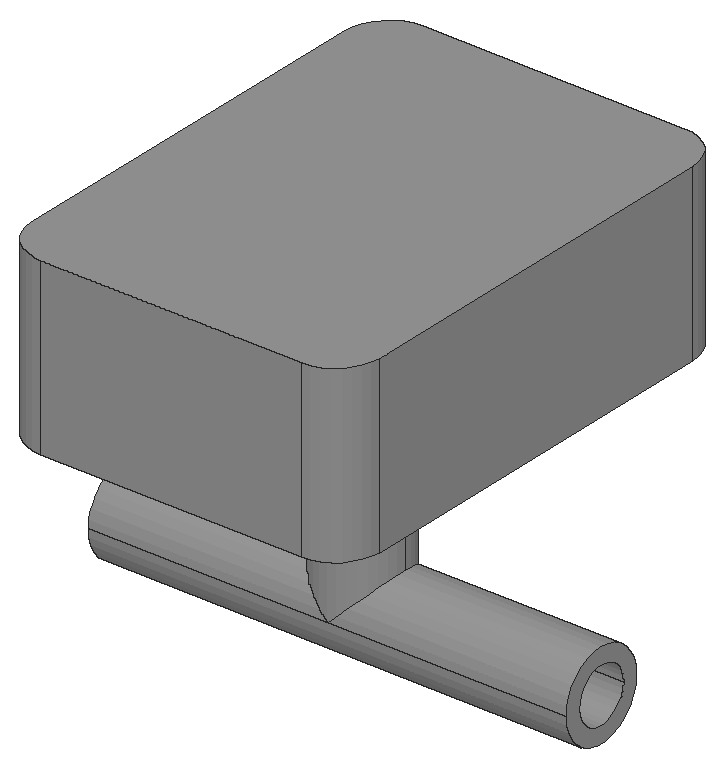
Revit family "СКМ-2К DN15-40 (резьба)", category Арматура трубопроводов, Revit 2015
Parameters (values of type "Теплосчётчик СКМ-2К DN15, q=1,5 м3/ч, L=110 мм")
  Ширина привода = 3.14961"  # constant formula
  Тип, марка = Обозначение  # "СКМ-2К-15-16-55-200"
  Степень защиты = "IP55"  # constant formula
  Скругления привода = 0.7874"  # constant formula
  Description = ""
  Обозначение = "СКМ-2К-15-16-55-200"
  Номинальный расход = 1.5 m³/h
  Номинальное давление PN = 1.6 MPa  # constant formula
  Наименование = "Теплосчётчик"  # constant formula
  Монтажная длина = 4.33071"
  Минимальный расход = if(Диаметр условный = 1/2", 0.03 m³/h, if(Диаметр условный = 3/4", 0.05 m³/h, if(Диаметр условный = 1", 0.07 m³/h, if(Диаметр условный = 1 1/4", 0.12 m³/h, if(Диаметр условный = 1 1/2", 0.2 m³/h, 69.0 m³/h)))))  # 0.03 m³/h
  Материал и цвет теплосчётчика = Латунь
  Материал и цвет привода ППР = Пластик, серый
  Материал и цвет остальных элементов = Сталь, неокрашенная
  Масса = if(Диаметр условный = 1/2", 1.00 kg, if(Диаметр условный = 3/4", 2.00 kg, if(Диаметр условный = 1", 3.00 kg, if(Диаметр условный = 1 1/4", 6.00 kg, if(Диаметр условный = 1 1/2", 8.00 kg, 69.00 kg)))))  # 1.00 kg
  Максимальный расход = if(Диаметр условный = 1/2", 3.0 m³/h, if(Диаметр условный = 3/4", 5.0 m³/h, if(Диаметр условный = 1", 7.0 m³/h, if(Диаметр условный = 1 1/4", 12.0 m³/h, if(Диаметр условный = 1 1/2", 20.0 m³/h, 69.0 m³/h)))))  # 3.0 m³/h
  Максимальная температура среды = 150 °C  # constant formula
  Класс точности = 2  # constant formula
  Изготовитель = "ООО \"ВОГЕЗЭНЕРГО\""
  Длина привода = 4.33071"  # constant formula
  Диаметр штока = Диаметр корпуса  # 101/128"
  Диаметр условный = 1/2"
  URL = "http://vogez.by/"
  Диаметр корпуса = if(Диаметр условный = 1/2", 101/128", if(Диаметр условный = 3/4", 63/64", if(Диаметр условный = 1", 1 67/256", if(Диаметр условный = 1 1/4", 1 147/256", if(Диаметр условный = 1 1/2", 1 31/32", 2 183/256")))))  # 101/128"
  Высота с приводом = Высота основания привода + 1.5748"  # 3.30527"
  Высота основания привода = if(Диаметр условный = 1/2", 1 187/256", if(Диаметр условный = 3/4", 2 1/128", if(Диаметр условный = 1", 2 31/128", if(Диаметр условный = 1 1/4", 2 123/256", if(Диаметр условный = 1 1/2", 2 127/128", 2 183/256")))))  # 1 187/256"
  Видимость клапана = yes
Types (9): name | Тип, марка | Обозначение | Номинальный расход | Монтажная длина | Минимальный расход | Масса | Максимальный расход | Диаметр штока | Диаметр условный | Диаметр корпуса | Высота с приводом | Высота основания привода
  (no name) | "СКМ-2К-15-16-55-200" | "СКМ-2К-15-16-55-200" | 1.5 m³/h | 4.33071" | 0.03 m³/h | 1.00 kg | 3.0 m³/h | 101/128" | 1/2" | 101/128" | 3.30527" | 1 187/256"
  Теплосчётчик СКМ-2К DN15, q=1,5 м3/ч, L=110 мм | "СКМ-2К-15-16-55-200" | "СКМ-2К-15-16-55-200" | 1.5 m³/h | 4.33071" | 0.03 m³/h | 1.00 kg | 3.0 m³/h | 101/128" | 1/2" | 101/128" | 3.30527" | 1 187/256"
  Теплосчётчик СКМ-2К DN15, q=1,5 м3/ч, L=165 мм | "СКМ-2К-15-16-55-200" | "СКМ-2К-15-16-55-200" | 1.5 m³/h | 6.49606" | 0.03 m³/h | 1.00 kg | 3.0 m³/h | 101/128" | 1/2" | 101/128" | 3.30527" | 1 187/256"
  Теплосчётчик СКМ-2К DN20, q=1,5 м3/ч, L=190 мм | "СКМ-2К-20-16-55-200" | "СКМ-2К-20-16-55-200" | 1.5 m³/h | 7.48031" | 0.05 m³/h | 2.00 kg | 5.0 m³/h | 63/64" | 3/4" | 63/64" | 3.58262" | 2 1/128"
  Теплосчётчик СКМ-2К DN20, q=2,5 м3/ч, L=190 мм | "СКМ-2К-20-16-55-200" | "СКМ-2К-20-16-55-200" | 2.5 m³/h | 7.48031" | 0.05 m³/h | 2.00 kg | 5.0 m³/h | 63/64" | 3/4" | 63/64" | 3.58262" | 2 1/128"
  Теплосчётчик СКМ-2К DN25, q=3,5 м3/ч, L=260 мм | "СКМ-2К-25-16-55-200" | "СКМ-2К-25-16-55-200" | 3.5 m³/h | 10.23622" | 0.07 m³/h | 3.00 kg | 7.0 m³/h | 1 67/256" | 1" | 1 67/256" | 3.81699" | 2 31/128"
  Теплосчётчик СКМ-2К DN25, q=6,0 м3/ч, L=260 мм | "СКМ-2К-25-16-55-200" | "СКМ-2К-25-16-55-200" | 6.0 m³/h | 10.23622" | 0.07 m³/h | 3.00 kg | 7.0 m³/h | 1 67/256" | 1" | 1 67/256" | 3.81699" | 2 31/128"
  Теплосчётчик СКМ-2К DN32, q=6,0 м3/ч, L=260 мм | "СКМ-2К-32-16-55-200" | "СКМ-2К-32-16-55-200" | 6.0 m³/h | 10.23622" | 0.12 m³/h | 6.00 kg | 12.0 m³/h | 1 147/256" | 1 1/4" | 1 147/256" | 4.05527" | 2 123/256"
  Теплосчётчик СКМ-2К DN40, q=10 м3/ч, L=300 мм | "СКМ-2К-40-16-55-200" | "СКМ-2К-40-16-55-200" | 10.0 m³/h | 11.81102" | 0.2 m³/h | 8.00 kg | 20.0 m³/h | 1 31/32" | 1 1/2" | 1 31/32" | 4.56699" | 2 127/128"
Reference planes (in)
  plane 1 "По центру (Вперед/Назад)": y = 0
  plane 2: z = 0
  plane 3 "По центру (Влево/Вправо)": x = 0
  plane 4: z = 1.73047
  plane 5: z = 3.30527
  plane 6: x = 2.16535
  plane 7: x = -2.16535
  plane 8: x = -1.5748
  plane 9: x = 1.5748
  plane 10: y = 2.16535
  plane 11: y = -2.16535
  plane 12: z = 0.39453
  plane 13: z = -0.39453
Forms (in)
  Extrusion 1, solid, material "Латунь" <- "Материал и цвет теплосчётчика", visible <- "Видимость клапана", detail levels fine
    sketch origin (0, 0, 0) x (0, 1, 0) y (0, 0, 1)
      loop
        circle (0, 0) r 0.39453
    from -2.16535 to 2.16535
  Extrusion 2, void
    sketch origin (0, 0, 0) x (0, 1, 0) y (0, 0, 1)
      loop
        circle (0, 0) r 0.25
    from -2.16535 to 2.16535
  Extrusion 3, solid, material "Латунь" <- "Материал и цвет теплосчётчика", visible <- "Видимость клапана", detail levels fine
    sketch origin (0, 0, 2.83465) x (1, 0, 0) y (0, 1, 0)
      loop
        circle (0, 0) r 0.39453
    from -2.83465 to -1.10418
  Extrusion 4, solid, material "Пластик, серый" <- "Материал и цвет привода ППР", visible <- "Видимость клапана", detail levels fine
    sketch origin (0, 0, 2.83465) x (1, 0, 0) y (0, 1, 0)
      loop
        arc (-1.1811, 2.16535) -> (-1.45949, 2.05004) -> (-1.5748, 1.77165) r 0.3937
        line (-1.5748, 1.77165) -> (-1.5748, -1.77165)
        arc (-1.5748, -1.77165) -> (-1.45949, -2.05004) -> (-1.1811, -2.16535) r 0.3937
        line (-1.1811, -2.16535) -> (1.1811, -2.16535)
        arc (1.1811, -2.16535) -> (1.45949, -2.05004) -> (1.5748, -1.77165) r 0.3937
        line (1.5748, -1.77165) -> (1.5748, 1.77165)
        arc (1.5748, 1.77165) -> (1.45949, 2.05004) -> (1.1811, 2.16535) r 0.3937
        line (1.1811, 2.16535) -> (-1.1811, 2.16535)
    from -1.10418 to 0.47063
Cuts and joins
  Extrusion 2 cuts Extrusion 1
  Extrusion 2 cuts Extrusion 3
  joined: Extrusion 1, Extrusion 3
Lines and regions (in)
  model lines, visible <- "Видимость клапана", detail levels coarse+medium
    curve 1: line (2.16535, 0, -0.39453) -> (-2.16535, 0, -0.39453)
    curve 2: line (2.16535, 0, 0.39453) -> (2.16535, 0, -0.39453)
    curve 3: line (-2.16535, 0, 0.39453) -> (2.16535, 0, 0.39453)
    curve 4: line (-2.16535, 0, -0.39453) -> (-2.16535, 0, 0.39453)
    curve 5: line (2.16535, 0, -0.39453) -> (-2.16535, 0, 0.39453)
Dimensions and locks (in)
  "Высота основания привода": level to plane 4
  "Высота с приводом": level to plane 5
  "Монтажная длина": plane 7 to plane 6
  equal spacing: plane 7, plane 3 "По центру (Влево/Вправо)", plane 6
  equal spacing: plane 8, plane 3 "По центру (Влево/Вправо)", plane 9
  "Ширина привода": plane 8 to plane 9
  equal spacing: plane 10, plane 1 "По центру (Вперед/Назад)", plane 11
  "Длина привода": plane 10 to plane 11
  equal spacing: plane 13, level, plane 12
  "Диаметр корпуса": plane 13 to plane 12
  "Диаметр корпуса": diameter of Extrusion 1 sketch curve
  "Диаметр условный": diameter of Extrusion 2 sketch curve
  "Диаметр штока": diameter of Extrusion 3 sketch curve
  "Скругления привода": diameter of Extrusion 4 sketch curve  (x4)
  aligned and locked: level to plane 2
  aligned and locked: plane 7 to Extrusion 2
  aligned and locked: Extrusion 2 to plane 6
  aligned and locked: plane 4 to Extrusion 3
  aligned and locked: plane 9 to Extrusion 4
  aligned and locked: Extrusion 4 to plane 8
  aligned and locked: Extrusion 4 to plane 11
  aligned and locked: plane 10 to Extrusion 4
  aligned and locked: plane 5 to Extrusion 4
  aligned and locked: Extrusion 4 to plane 4
  aligned and locked: Extrusion 1 to plane 6
  aligned and locked: plane 7 to Extrusion 1
  aligned and locked: Extrusion 3 to level
Automatic sketch dimensions
  plane 7 to curve 5 = 0"
  plane 6 to curve 5 = 0"
  curve 1 to plane 13 = 0"
  curve 5 to plane 12 = 0"
  Extrusion 1 sketch curve to level = 0"
  Extrusion 1 sketch curve to plane 1 "По центру (Вперед/Назад)" = 0"
  Extrusion 2 sketch curve to level = 0"
  Extrusion 2 sketch curve to plane 1 "По центру (Вперед/Назад)" = 0"
  plane 1 "По центру (Вперед/Назад)" to Extrusion 3 sketch curve = 0"
  Extrusion 3 sketch curve to plane 3 "По центру (Влево/Вправо)" = 0"
  Extrusion 4 sketch curve to plane 8 = 0"
  Extrusion 4 sketch curve to plane 11 = 0"
  Extrusion 4 sketch curve to plane 10 = 0"
  Extrusion 4 sketch curve to plane 9 = 0"
Connectors (in)
  piping at (2.16535, 0, 0), diameter 0.5, driven by "Диаметр условный"
    settings: on cut or joined group of Extrusion 1, Extrusion 2, Extrusion 3, index 1, connector inside diameter 24", connector length 0", flow factor 0, pipe flow 0.0 m³/h, pressure drop 0.0 MPa, fitting loss kfactor 0, connector angle 0.00°, fixture units 0, engagement length 0", angle of deflection 0.00°, flow configuration 0, flow direction 2, fitting loss method 0, system type 29, joint type 0, gender type 0, connector reference index -1, connector utility 0, adjustable connector no, is connector primary yes, connector description "Резьбовое соединение (выход)"
  piping at (-2.16535, 0, 0), diameter 0.5, driven by "Диаметр условный"
    settings: on cut or joined group of Extrusion 1, Extrusion 2, Extrusion 3, index 2, connector inside diameter 24", connector length 0", flow factor 0, pipe flow 0.0 m³/h, pressure drop 0.0 MPa, fitting loss kfactor 0, connector angle 0.00°, fixture units 0, engagement length 0", angle of deflection 0.00°, flow configuration 0, flow direction 1, fitting loss method 0, system type 29, joint type 0, gender type 0, connector reference index -1, connector utility 0, adjustable connector no, is connector primary no, connector description "Резьбовое соединение (вход)"
